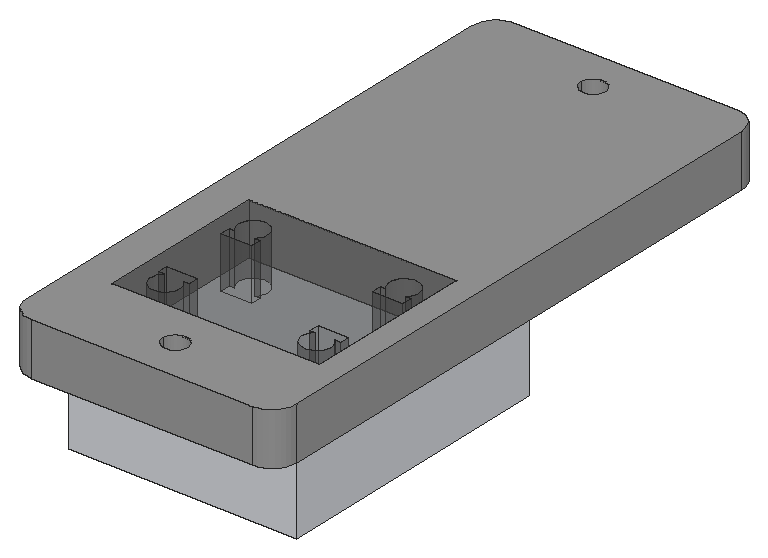
Revit family "ElectricalFixture_WiringAccessories_Hager_Sollysta_RaisedPlateShaverSocket", category Electrical Fixtures, host Face, Revit 2015
Parameters (values of type "WRSO100BNB")
  Warranty ID = ""
  Voltage (Volts) = "230V/240V"
  Unique Reference = "WRSO100BNB"
  Type = "ElectricalFixture"
  Technical Description = Description  # "115/230VShaverOutletBlackNickelBlackInsert"
  Switch = yes
  Supply Phase = "1"
  Size = ""
  Shipping Weight kg = "0.188"
  Shape = "Rectangular"
  Reference Standard = "BS 1363-2"
  Product URL = "http://www.hager.co.uk/product-catalogue/wiring-accessories/sollysta/white-moulded/white-moulded-sockets/58428.htm"
  Product Range = "Sollysta"
  Product Model Number = Unique Reference  # "WRSO100BNB"
  Product Literature = "http://www.hager.co.uk/product-catalogue/wiring-accessories/sollysta/38662.htm"
  Product Group = "WiringAccessories"
  Product Family = "DecorativeShaverSocket_115/230VShaverSocket"
  Packaging Recyclable = yes
  Overall Width = 86.0 mm
  Overall Length = 65.0 mm
  Overall Height = 146.0 mm
  Overall Depth = 21.07 mm
  Operation and Maintenance Manual = ""
  Name = "DecorativeShaverSocket_WRSO100PBW"
  Measurement Units = "mm"
  Material = Hager_BlackNickel
  Manufacturer Website = "http://www.hager.co.uk/"
  Manufacturer Country = "United Kingdom"
  Manufacturer = "Hager"
  LED Indicator Switch = yes
  Insert Material = Hager_BlackInsert
  Gross Weight kg = "0.165"
  Frequency = "50/60Hz"
  Finish = "BlackNickel"
  Features = Description  # "115/230VShaverOutletBlackNickelBlackInsert"
  Extrusion From Wall = 12.61 mm
  Expected Life = "25 years"
  EAN Code = "5015654744571"
  Distance From Edge = 63.59 mm
  Distance From Centre = 22.393 mm
  Design Country = "China"
  Description = "115/230VShaverOutletBlackNickelBlackInsert"
  Default Elevation = 1219.2 mm
  Colour = "BlackNickel"
  CE Approval = yes
Types (7, lengths in mm): name | Unique Reference | Technical Description | Product Model Number | Name | Material | Insert Material | Finish | Features | EAN Code | Description | Colour
  WRSO100PSW | "WRSO100PSW" | "115/230VShaverOutletPolishedSteelWhiteInsert" | "WRSO100PSW" | "DecorativeShaverSocket_WRSO100PSW" | Hager_PolishedSteel | Hager_WhiteInsert | "Polished" | "115/230VShaverOutletPolishedSteelWhiteInsert" | "5015654744458" | "115/230VShaverOutletPolishedSteelWhiteInsert" | "PolishedSteel"
  WRSO100BSW | "WRSO100BSW" | "115/230VShaverOutletBrushedSteelWhiteInsert" | "WRSO100BSW" | "DecorativeShaverSocket_WRSO100BSW" | Hager_BrushedSteel | Hager_WhiteInsert | "Brushed" | "115/230VShaverOutletBrushedSteelWhiteInsert" | "5015654744496" | "115/230VShaverOutletBrushedSteelWhiteInsert" | "BrushedSteel"
  WRSO100PBW | "WRSO100PBW" | "115/230VShaverOutletPolishedBrassWhiteInsert" | "WRSO100PBW" | "DecorativeShaverSocket_WRSO100PBW" | Hager_PolishedBrass | Hager_WhiteInsert | "Polished" | "115/230VShaverOutletPolishedBrassWhiteInsert" | "5015654744533" | "115/230VShaverOutletPolishedBrassWhiteInsert" | "PolishedBrass"
  WRSO100BNB | "WRSO100BNB" | "115/230VShaverOutletBlackNickelBlackInsert" | "WRSO100BNB" | "DecorativeShaverSocket_WRSO100PBW" | Hager_BlackNickel | Hager_BlackInsert | "BlackNickel" | "115/230VShaverOutletBlackNickelBlackInsert" | "5015654744571" | "115/230VShaverOutletBlackNickelBlackInsert" | "BlackNickel"
  WRSO100BSB | "WRSO100BSB" | "115/230VShaverOutletBrushedSteelBlackInsert" | "WRSO100BSB" | "DecorativeShaverSocket_WRSO100BSB" | Hager_BrushedSteel | Hager_BlackInsert | "Brushed" | "115/230VShaverOutletBrushedSteelBlackInsert" | "5015654744519" | "115/230VShaverOutletBrushedSteelBlackInsert" | "BrushedSteel"
  WRSO100PBB | "WRSO100PBB" | "115/230VShaverOutletPolishedBrassBlackInsert" | "WRSO100PBB" | "DecorativeShaverSocket_WRSO100PBB" | Hager_PolishedBrass | Hager_BlackInsert | "Polished" | "115/230VShaverOutletPolishedBrassBlackInsert" | "5015654744557" | "115/230VShaverOutletPolishedBrassBlackInsert" | "PolishedBrass"
  WRSO100PSB | "WRSO100PSB" | "115/230VShaverOutletPolishedSteelBlackInsert" | "WRSO100PSB" | "DecorativeShaverSocket_WRSO100PSB" | Hager_PolishedSteel | Hager_WhiteInsert | "Polished" | "115/230VShaverOutletPolishedSteelBlackInsert" | "5015654744472" | "115/230VShaverOutletPolishedSteelBlackInsert" | "PolishedSteel"
Reference planes
  plane 1 "Center (Front/Back)": y = 0
  plane 2: z = 0
  plane 3 "Center (Left/Right)": x = 0
  plane 4: y = -73
  plane 5: y = 73
  plane 6: x = -32.5
  plane 7: x = 32.5
  plane 8: z = 12.61
  plane 9: z = -8.46
  plane 10: z = 12.61
  plane 11: y = -471.393
  plane 12: z = -20.53
  plane 13: y = -63
  plane 14: y = 63
Forms (mm)
  Extrusion 1, solid, material "Hager_BlackNickel" <- "Material", detail levels medium
    sketch origin (0, 0, 0) x (1, 0, 0) y (0, 1, 0)
      loop
        line (-32.5, 73) -> (-32.5, -73) -> (32.5, -73) -> (32.5, 73) -> (-32.5, 73)
    from 0 to 12.61
  Extrusion 2, solid, material "Hager_BlackNickel" <- "Material", detail levels medium+fine
    sketch origin (0, 0, 0) x (1, 0, 0) y (0, 1, 0)
      loop
        line (-32.5, 67.146) -> (-32.5, -67.146)
        arc (-32.5, -67.146) -> (-30.785, -71.285) -> (-26.646, -73) r 5.854
        line (-26.646, -73) -> (26.646, -73)
        arc (26.646, -73) -> (30.785, -71.285) -> (32.5, -67.146) r 5.854
        line (32.5, -67.146) -> (32.5, 67.146)
        arc (32.5, 67.146) -> (30.785, 71.285) -> (26.646, 73) r 5.854
        line (26.646, 73) -> (-26.646, 73)
        arc (-26.646, 73) -> (-30.785, 71.285) -> (-32.5, 67.146) r 5.854
      loop
        circle (0, 63) r 3
      loop
        circle (0, -63) r 3
      loop
        line (-23.582, -52.606) -> (26.418, -52.606) -> (26.418, -11.277) -> (-23.582, -11.277) -> (-23.582, -52.606)
    from 0 to 12.61
  Extrusion 3, solid
    sketch origin (0, 0, 0) x (1, 0, 0) y (0, 1, 0)
      loop
        line (-26.991, -61.302) -> (28.009, -61.302) -> (28.009, 8.698) -> (-26.991, 8.698) -> (-26.991, -61.302)
    from -20.53 to 0
  Extrusion 4, solid, material "Hager_BlackInsert" <- "Insert Material", detail levels fine
    sketch origin (0, 0, 0) x (1, 0, 0) y (0, 1, 0)
      loop
        line (-23.582, -52.606) -> (26.418, -52.606) -> (26.418, -11.277) -> (-23.582, -11.277) -> (-23.582, -52.606)
      loop
        line (-12.06, -24.842) -> (-12.06, -22.314) -> (-13.375, -22.314)
        arc (-13.375, -22.314) -> (-15.793, -16.263) -> (-18.138, -22.342) r 3.5
        line (-18.138, -22.342) -> (-19.487, -22.342) -> (-19.487, -24.842) -> (-12.06, -24.842)
      loop
        arc (-18.138, -43.659) -> (-15.793, -49.739) -> (-13.375, -43.688) r 3.5
        line (-13.375, -43.688) -> (-12.06, -43.688) -> (-12.06, -41.159) -> (-19.487, -41.159) -> (-19.487, -43.659) -> (-18.138, -43.659)
      loop
        line (22.85, -43.37) -> (24.2, -43.37) -> (24.2, -40.87) -> (16.772, -40.87) -> (16.772, -43.399) -> (18.088, -43.399)
        arc (18.088, -43.399) -> (20.505, -49.449) -> (22.85, -43.37) r 3.5
      loop
        line (24.2, -24.553) -> (24.2, -22.053) -> (22.85, -22.053)
        arc (22.85, -22.053) -> (20.505, -15.974) -> (18.088, -22.024) r 3.5
        line (18.088, -22.024) -> (16.772, -22.024) -> (16.772, -24.553) -> (24.2, -24.553)
    from 0 to 12.61
Lines and regions (mm)
  model lines
    curve 1: line (-32.5, 67.146, 0) -> (-32.5, -67.146, 0)
    curve 2: line (-26.646, -73, 0) -> (26.646, -73, 0)
    curve 3: arc (-32.5, -67.146, 0) -> (-30.785, -71.285, 0) -> (-26.646, -73, 0) r 5.854
    curve 4: arc (-26.646, 73, 0) -> (-30.785, 71.285, 0) -> (-32.5, 67.146, 0) r 5.854
    curve 5: line (26.646, 73, 0) -> (-26.646, 73, 0)
    curve 6: arc (32.5, 67.146, 0) -> (30.785, 71.285, 0) -> (26.646, 73, 0) r 5.854
    curve 7: line (32.5, -67.146, 0) -> (32.5, 67.146, 0)
    curve 8: arc (26.646, -73, 0) -> (30.785, -71.285, 0) -> (32.5, -67.146, 0) r 5.854
    curve 9: arc (-13.375, -43.688, 0) -> (-15.793, -49.739, 0) -> (-18.138, -43.659, 0) r 3.5
    curve 10: line (-19.487, -41.159, 0) -> (-12.06, -41.159, 0)
    curve 11: line (-12.06, -41.159, 0) -> (-12.06, -43.688, 0)
    curve 12: line (-12.06, -43.688, 0) -> (-13.375, -43.688, 0)
    curve 13: arc (-13.375, -43.688, 0) -> (-15.793, -49.739, 0) -> (-18.138, -43.659, 0) r 3.5
    curve 14: line (-18.138, -43.659, 0) -> (-19.487, -43.659, 0)
    curve 15: line (-19.487, -43.659, 0) -> (-19.487, -41.159, 0)
    curve 16: line (16.772, -40.87, 0) -> (24.2, -40.87, 0)
    curve 17: line (24.2, -40.87, 0) -> (24.2, -43.37, 0)
    curve 18: line (24.2, -43.37, 0) -> (22.85, -43.37, 0)
    curve 19: arc (22.85, -43.37, 0) -> (20.505, -49.449, 0) -> (18.088, -43.399, 0) r 3.5
    curve 20: line (18.088, -43.399, 0) -> (16.772, -43.399, 0)
    curve 21: line (16.772, -43.399, 0) -> (16.772, -40.87, 0)
    curve 22: line (24.2, -24.553, 0) -> (16.772, -24.553, 0)
    curve 23: line (16.772, -24.553, 0) -> (16.772, -22.024, 0)
    curve 24: line (16.772, -22.024, 0) -> (18.088, -22.024, 0)
    curve 25: arc (18.088, -22.024, 0) -> (20.505, -15.974, 0) -> (22.85, -22.053, 0) r 3.5
    curve 26: line (22.85, -22.053, 0) -> (24.2, -22.053, 0)
    curve 27: line (24.2, -22.053, 0) -> (24.2, -24.553, 0)
    curve 28: line (-12.06, -24.842, 0) -> (-19.487, -24.842, 0)
    curve 29: line (-19.487, -24.842, 0) -> (-19.487, -22.342, 0)
    curve 30: line (-19.487, -22.342, 0) -> (-18.138, -22.342, 0)
    curve 31: arc (-18.138, -22.342, 0) -> (-15.793, -16.263, 0) -> (-13.375, -22.314, 0) r 3.5
    curve 32: line (-13.375, -22.314, 0) -> (-12.06, -22.314, 0)
    curve 33: line (-12.06, -22.314, 0) -> (-12.06, -24.842, 0)
    curve 38: arc (3, 63, 0) -> (0, 60, 0) -> (-3, 63, 0) r 3
    curve 39: arc (-3, 63, 0) -> (0, 66, 0) -> (3, 63, 0) r 3
    curve 40: arc (3, -63, 0) -> (0, -66, 0) -> (-3, -63, 0) r 3
    curve 41: arc (-3, -63, 0) -> (0, -60, 0) -> (3, -63, 0) r 3
  model lines, detail levels fine
    curve 34: line (-3, -9.095, 0) -> (3, -9.095, 0)
    curve 35: line (3, -9.095, 0) -> (3, -4.095, 0)
    curve 36: line (3, -4.095, 0) -> (-3, -4.095, 0)
    curve 37: line (-3, -4.095, 0) -> (-3, -9.095, 0)
Dimensions and locks
  "Overall Length": plane 6 to plane 7
  "Overall Height": plane 4 to plane 5
  "Overall Depth": plane 9 to plane 8
  "Extrusion From Wall": plane 2 to plane 10
  equal spacing: plane 4, plane 1 "Center (Front/Back)", plane 5
  equal spacing: plane 6, plane 3 "Center (Left/Right)", plane 7
  "Extrusion From Wall": plane 8 to plane 2
  aligned and locked: plane 2 to host face
  aligned and locked: level to host face
  aligned and locked: Extrusion 1 sketch curve to plane 6
  aligned and locked: Extrusion 1 sketch curve to plane 4
  aligned and locked: Extrusion 1 sketch curve to plane 7
  aligned and locked: Extrusion 1 sketch curve to plane 5
  aligned and locked: Extrusion 1 to plane 8
  aligned and locked: Extrusion 1 to level
  aligned and locked: plane 7 to curve 7
  aligned and locked: Extrusion 2 sketch curve to plane 6
  aligned and locked: Extrusion 2 sketch curve to plane 4
  aligned and locked: Extrusion 2 sketch curve to plane 7
  aligned and locked: Extrusion 2 sketch curve to plane 5
  aligned and locked: Extrusion 2 to plane 8
  aligned and locked: plane 12 to Extrusion 3
  aligned and locked: level to Extrusion 3
  aligned and locked: Extrusion 4 to plane 8
  aligned and locked: Extrusion 4 to level
Automatic sketch dimensions
  host sketch curve to host sketch curve = 2438.4 mm  (x2)
  curve 1 to plane 6 = 0.0 mm
  plane 4 to curve 2 = 0.0 mm
  plane 5 to curve 4 = 0.0 mm
  curve 3 to plane 4 = 5.854 mm
  plane 5 to curve 4 = 5.854 mm
  curve 6 to curve 6 = 5.854 mm
  curve 8 to plane 4 = 5.854 mm
  Extrusion 2 sketch curve to plane 3 "Center (Left/Right)" = 0.0 mm  (x2)
  Extrusion 2 sketch curve to plane 13 = 0.0 mm
  Extrusion 2 sketch curve to plane 14 = 0.0 mm
  plane 6 to Extrusion 2 sketch curve = 5.854 mm  (x2)
  Extrusion 2 sketch curve to plane 7 = 5.854 mm
  plane 14 to Extrusion 2 sketch curve = 4.146 mm
  curve 9 to curve 9 = 2.366 mm
  curve 9 to curve 9 = 2.396 mm
  curve 9 to curve 13 = 0.0 mm
  curve 14 to curve 13 = 1.35 mm
  curve 12 to curve 11 = 1.316 mm
  curve 14 to curve 15 = 2.5 mm
  curve 21 to plane 7 = 15.728 mm
  curve 20 to curve 20 = 1.316 mm
  curve 19 to curve 19 = 2.396 mm
  curve 19 to curve 18 = 2.366 mm
  curve 18 to curve 17 = 1.35 mm
  plane 13 to curve 19 = 17.051 mm
  curve 19 to curve 21 = 2.551 mm
  curve 20 to curve 21 = 2.529 mm
  curve 22 to plane 7 = 15.728 mm
  curve 24 to curve 24 = 1.316 mm
  curve 24 to curve 25 = 2.396 mm
  curve 25 to curve 26 = 2.366 mm
  curve 26 to curve 27 = 1.35 mm
  curve 16 to curve 22 = 16.317 mm
  curve 22 to curve 27 = 2.5 mm
  curve 22 to curve 24 = 2.529 mm
  plane 6 to curve 29 = 13.013 mm
  curve 29 to curve 30 = 1.35 mm
  curve 31 to curve 31 = 2.366 mm
  curve 31 to curve 32 = 2.396 mm
  curve 31 to curve 32 = 1.316 mm
  curve 10 to curve 28 = 16.317 mm
  curve 28 to curve 29 = 2.5 mm
  curve 28 to curve 33 = 2.529 mm
  curve 37 to plane 3 "Center (Left/Right)" = 3.0 mm
  plane 3 "Center (Left/Right)" to curve 35 = 3.0 mm
  plane 1 "Center (Front/Back)" to curve 34 = 9.095 mm
  plane 1 "Center (Front/Back)" to curve 36 = 4.095 mm
  curve 39 to plane 14 = 0.0 mm
  curve 38 to plane 3 "Center (Left/Right)" = 0.0 mm
  curve 39 to curve 38 = 3.0 mm
  curve 40 to curve 41 = 0.0 mm  (x2)
  curve 41 to plane 13 = 0.0 mm
  curve 40 to plane 3 "Center (Left/Right)" = 0.0 mm
  curve 41 to curve 40 = 3.0 mm
  plane 6 to Extrusion 3 sketch curve = 5.509 mm
  Extrusion 3 sketch curve to plane 7 = 4.491 mm
  plane 13 to Extrusion 3 sketch curve = 1.698 mm
  Extrusion 3 sketch curve to plane 1 "Center (Front/Back)" = 8.698 mm
  plane 6 to Extrusion 4 sketch curve = 8.918 mm
  Extrusion 4 sketch curve to plane 7 = 6.082 mm
  plane 13 to Extrusion 4 sketch curve = 10.394 mm
  plane 1 "Center (Front/Back)" to Extrusion 4 sketch curve = 11.277 mm
  Extrusion 4 sketch curve to Extrusion 4 sketch curve = 4.095 mm  (x2)
  Extrusion 4 sketch curve to Extrusion 4 sketch curve = 1.35 mm  (x4)
  Extrusion 4 sketch curve to Extrusion 4 sketch curve = 2.366 mm  (x4)
  Extrusion 4 sketch curve to Extrusion 4 sketch curve = 2.396 mm  (x3)
  Extrusion 4 sketch curve to Extrusion 4 sketch curve = 1.316 mm  (x4)
  Extrusion 4 sketch curve to Extrusion 4 sketch curve = 13.565 mm
  Extrusion 4 sketch curve to Extrusion 4 sketch curve = 2.5 mm  (x3)
  Extrusion 4 sketch curve to Extrusion 4 sketch curve = 2.529 mm  (x3)
  Extrusion 4 sketch curve to Extrusion 4 sketch curve = 7.427 mm
  Extrusion 4 sketch curve to Extrusion 4 sketch curve = 8.918 mm
  Extrusion 4 sketch curve to Extrusion 4 sketch curve = 0.029 mm
  Extrusion 4 sketch curve to Extrusion 4 sketch curve = 9.646 mm  (x2)
  Extrusion 4 sketch curve to Extrusion 4 sketch curve = 6.657 mm
  Extrusion 4 sketch curve to Extrusion 4 sketch curve = 2.551 mm
  Extrusion 4 sketch curve to Extrusion 4 sketch curve = 13.276 mm
  plane 6 to Extrusion 2 sketch curve = 8.918 mm
  Extrusion 2 sketch curve to plane 7 = 6.082 mm
  plane 13 to Extrusion 2 sketch curve = 10.394 mm
  plane 1 "Center (Front/Back)" to Extrusion 2 sketch curve = 11.277 mm
  radius of Extrusion 2 sketch curve = 3.0 mm  (x2)
Nested families
  nested 1: "LED Switch" at (115.776, 36.364, 0), type "LED Switch"
  nested 2: "LED Switch" at (-1946.613, 203, 0), type "LED Switch"
Definition of nested family "LED Switch"
  Parameters (values of type "LED Switch")
    LED Indicator Switch = no
  Reference planes
    plane 1 "Center (Front/Back)": y = 0
    plane 2: z = 0
    plane 3 "Center (Left/Right)": x = 0
  Forms (mm)
    Extrusion 1, solid, visible <- "LED Indicator Switch", detail levels fine
      sketch origin (-4.952, -17.415, 4.745) x (-1, 0, 0) y (0, -0.987688, 0.156434)
        loop
          line (-2.778, -29.269) -> (-7.654, -29.269) -> (-7.654, -32.25) -> (-2.778, -32.25) -> (-2.778, -29.269)
      from 0 to 8.633
    Extrusion 2, solid, visible <- "LED Indicator Switch", detail levels fine
      sketch origin (-74.952, -18.168, 4.067) x (-1, 0, 0) y (0, -0.987688, 0.156434)
        loop
          line (-82.054, -8.53) -> (-82.054, -29.653)
          arc (-82.054, -29.653) -> (-81.106, -31.94) -> (-78.819, -32.888) r 3.235
          line (-78.819, -32.888) -> (-77.654, -32.888) -> (-77.654, -29.907) -> (-75.259, -29.907) -> (-72.778, -29.907) -> (-72.778, -32.888) -> (-71.698, -32.888)
          arc (-71.698, -32.888) -> (-69.359, -31.919) -> (-68.39, -29.58) r 3.308
          line (-68.39, -29.58) -> (-68.39, -8.616)
          arc (-68.39, -8.616) -> (-69.351, -6.296) -> (-71.671, -5.335) r 3.281
          line (-71.671, -5.335) -> (-78.859, -5.335)
          arc (-78.859, -5.335) -> (-81.118, -6.271) -> (-82.054, -8.53) r 3.194
      from 0 to 9.42
  Dimensions and locks
    aligned and locked: level to plane 2
